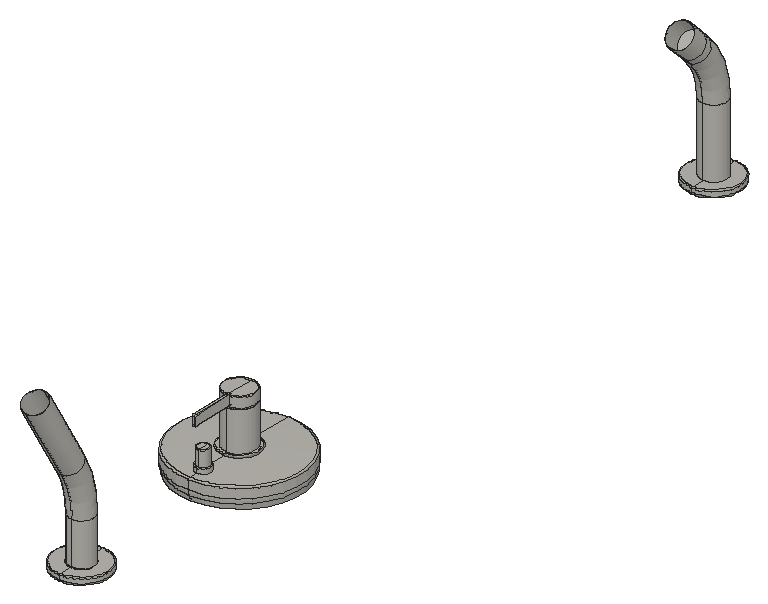
Revit family "Shower-Bath_and_Shower_Trim-KOHLER-Stillness-K-T948", category Plumbing Fixtures, host Face, Revit 2015 (continued)
Definition of nested family "K-948-spout"
  Lines and regions (in)
    Masking region 2
      outline origin (0, 0, 0) x (1, 0, 0) y (0, 0, 1)
        loop
          arc (0.60656, 8.82786) -> (0.59763, 8.8442) -> (0.58725, 8.85967) r 0.20527
          arc (0.58725, 8.85967) -> (0.57333, 8.87731) -> (0.55833, 8.89404) r 0.35821
          arc (0.55833, 8.89404) -> (0.52451, 8.92521) -> (0.48696, 8.95179) r 0.35821
          arc (0.48696, 8.95179) -> (0.39569, 8.99921) -> (0.29852, 9.03291) r 0.70875
          arc (0.29852, 9.03291) -> (-0.03225, 9.07139) -> (-0.36017, 9.01338) r 1.14871
          arc (-0.36017, 9.01338) -> (-0.4251, 8.98574) -> (-0.48696, 8.95179) r 0.70875
          arc (-0.48696, 8.95179) -> (-0.52451, 8.92521) -> (-0.55833, 8.89404) r 0.35821
          arc (-0.55833, 8.89404) -> (-0.57333, 8.87731) -> (-0.58725, 8.85967) r 0.35821
          arc (-0.58725, 8.85967) -> (-0.59763, 8.8442) -> (-0.60656, 8.82786) r 0.20527
          arc (-0.60656, 8.82786) -> (-0.62009, 8.78996) -> (-0.62485, 8.75) r 0.17972
          line (-0.62485, 8.75) -> (-0.62485, 0.31232) -> (-1.34057, 0.31232)
          arc (-1.34057, 0.31232) -> (-1.36491, 0.30223) -> (-1.375, 0.27788) r 0.03443
          line (-1.375, 0.27788) -> (-1.375, 0.03549)
          arc (-1.375, 0.03549) -> (-1.36461, 0.01039) -> (-1.33951, 0) r 0.03549
          line (-1.33951, 0) -> (1.34019, 0)
          arc (1.34019, 0) -> (1.3648, 0.0102) -> (1.375, 0.03481) r 0.03481
    Masking region 3
      outline origin (0, 0, 0) x (1, 0, 0) y (0, 1, 0)
        loop
          arc (0.62411, -9.22518) -> (0, -6.62498) -> (-0.62411, -9.22518) r 1.375
          line (-0.62411, -9.22518) -> (-0.62411, -10.9469)
          spline (-0.62411, -10.9469) -> (-0.61486, -11.0141) -> (-0.5958, -11.07976) -> (-0.56724, -11.14284) -> (-0.52963, -11.20233) -> (-0.48358, -11.25728) -> (-0.42981, -11.30682) -> (-0.36919, -11.35015) -> (-0.30267, -11.38659) -> (-0.23133, -11.41555) -> (-0.1563, -11.43658) -> (-0.07878, -11.44933) -> (0, -11.4536)
          spline (0, -11.4536) -> (0.07878, -11.44933) -> (0.1563, -11.43658) -> (0.23133, -11.41555) -> (0.30267, -11.38659) -> (0.36919, -11.35015) -> (0.42981, -11.30682) -> (0.48358, -11.25728) -> (0.52963, -11.20233) -> (0.56724, -11.14284) -> (0.5958, -11.07976) -> (0.61486, -11.0141) -> (0.62411, -10.9469)
          line (0.62411, -10.9469) -> (0.62411, -9.22518)
    symbolic lines, detail levels medium+fine
      curve 1: line (0, -9.9693, 8.38491) -> (0, -11.03596, 7.73301)
      curve 2: line (0, -7.37496, 0.312) -> (0, -8.62501, 0.312)
      curve 3: line (0.62485, 0, 0.31232) -> (-0.62485, 0, 0.31232)
      curve 4: arc (0.62485, 0, 8.29687) -> (0, 0, 8.44938) -> (-0.62485, 0, 8.29687) r 1.3563
      curve 5: arc (0.62411, -9.22518, 0) -> (0, -9.37498, 0) -> (-0.62411, -9.22518, 0) r 1.375
      curve 6: arc (-0.6164, -7.99998, 0) -> (0, -7.38359, 0) -> (0.6164, -7.99998, 0) r 0.6164
      curve 7: line (-0.62411, -9.22518, 0) -> (-0.6164, -7.99998, 0)
      curve 8: line (0.62411, -9.22518, 0) -> (0.6164, -7.99998, 0)
      curve 9: spline (0.62411, -10.91785, 0) -> (0.60284, -10.77918, 0) -> (0.54049, -10.64997, 0) -> (0.44131, -10.53901, 0) -> (0.31205, -10.45387, 0) -> (0.16153, -10.40035, 0) -> (0, -10.38209, 0) -> (-0.16153, -10.40035, 0) -> (-0.31205, -10.45387, 0) -> (-0.44131, -10.53901, 0) -> (-0.54049, -10.64997, 0) -> (-0.60284, -10.77918, 0) -> (-0.62411, -10.91785, 0)
  Dimensions and locks (in)
    aligned and locked: plane 2 to level
Types (5): name | Without ShowerHead | Type | ShowerHead | Shower Distance | Product Page URL | Product Documentation Link | Model | Length | Finish | Description
  (no name) | yes | 4 | no | 30" | "http://www.us.kohler.com/us/catalog/productDetails.jsp?productNumber=T948-4L" | "https://www.us.kohler.com/webassets/kpna/catalog/pdf/en/K-T948-4L_spec.pdf" | "K-T948-4L-BN" | 7 1/2" | Kohler-Metal-BN-Vibrant_Brushed_Nickel | "Rite-Temp bath and shower trim set with push-button diverter and lever handle, less showerhead"
  With Shower CP-Polished Chrome | no | 1 | yes | 24" | "http://www.us.kohler.com/us/catalog/productDetails.jsp?productNumber=T948-4" | "https://www.us.kohler.com/webassets/kpna/catalog/pdf/en/K-T948-4_spec.pdf" | "K-T948-4-CP" | 9 1/2" | Kohler-Metal-CP-Polished_Chrome | "Rite-Temp pressure-balancing bath and shower faucet trim with lever handle, valve not included"
  With Shower BN-Vibrant Brushed Nickel | no | 2 | yes | 24" | "http://www.us.kohler.com/us/catalog/productDetails.jsp?productNumber=T948-4" | "https://www.us.kohler.com/webassets/kpna/catalog/pdf/en/K-T948-4_spec.pdf" | "K-T948-4-BN" | 9 1/2" | Kohler-Metal-BN-Vibrant_Brushed_Nickel | "Rite-Temp pressure-balancing bath and shower faucet trim with lever handle, valve not included"
  Without Shower CP-Polished Chrome | yes | 3 | no | 24" | "http://www.us.kohler.com/us/catalog/productDetails.jsp?productNumber=T948-4L" | "https://www.us.kohler.com/webassets/kpna/catalog/pdf/en/K-T948-4L_spec.pdf" | "K-T948-4L-CP" | 7 1/2" | Kohler-Metal-CP-Polished_Chrome | "Rite-Temp bath and shower trim set with push-button diverter and lever handle, less showerhead"
  Without Shower BN-Vibrant Brushed Nickel | yes | 4 | no | 30" | "http://www.us.kohler.com/us/catalog/productDetails.jsp?productNumber=T948-4L" | "https://www.us.kohler.com/webassets/kpna/catalog/pdf/en/K-T948-4L_spec.pdf" | "K-T948-4L-BN" | 7 1/2" | Kohler-Metal-BN-Vibrant_Brushed_Nickel | "Rite-Temp bath and shower trim set with push-button diverter and lever handle, less showerhead"
